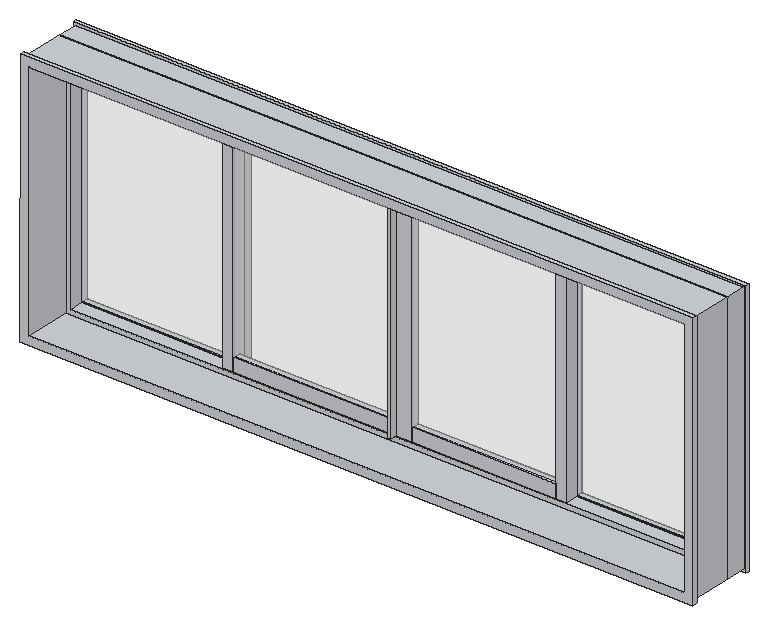
Revit family "APL Residential Thermal Heart Sliding Window FSSF", category Windows, host Wall, Revit 2017 (continued)
Definition of nested family "APL Residential Thermal Heart Sliding Window FSSF Vertical Section"
  Definition of nested family "Two Panel Sill"
    Lines and regions (mm)
      detail lines, in view "Ref. Level"
        curve 81: line (13.616, 53.76, 0) -> (10.871, 53.76, 0)
        curve 82: line (4.725, 55.16, 0) -> (7.471, 55.16, 0)
        curve 83: line (15.271, 49.46, 0) -> (15.771, 49.46, 0)
        curve 84: line (15.771, 49.46, 0) -> (15.371, 61.46, 0)
        curve 85: line (2.971, 61.46, 0) -> (2.571, 49.46, 0)
        curve 86: line (2.571, 49.46, 0) -> (3.071, 49.46, 0)
        curve 87: line (3.071, 66.96, 0) -> (3.071, 47.46, 0)
        curve 88: line (3.071, 47.46, 0) -> (15.271, 47.46, 0)
        curve 89: line (15.271, 47.46, 0) -> (15.271, 66.96, 0)
        curve 90: line (6.89, 47.46, 0) -> (6.89, 42.21, 0)
        curve 91: line (6.89, 42.21, 0) -> (5.871, 42.21, 0)
        curve 92: line (5.871, 42.21, 0) -> (5.871, 47.46, 0)
        curve 93: line (11.451, 47.46, 0) -> (11.451, 42.21, 0)
        curve 94: line (11.451, 42.21, 0) -> (12.471, 42.21, 0)
        curve 95: line (12.471, 42.21, 0) -> (12.471, 47.46, 0)
        curve 96: line (3.271, 48.46, 0) -> (3.271, 65.06, 0)
        curve 161: arc (-86.906, 25.385, 0) -> (-86.996, 25.312, 0) -> (-87.029, 25.201, 0) r 0.2
        curve 162: arc (-87.029, 24.2, 0) -> (-86.971, 24.059, 0) -> (-86.829, 24, 0) r 0.2
        curve 163: arc (-85.042, 23.527, 0) -> (-84.985, 23.412, 0) -> (-85.011, 23.286, 0) r 0.2
        curve 164: arc (-85.241, 22.888, 0) -> (-85.114, 22.409, 0) -> (-84.635, 22.537, 0) r 0.35
        curve 165: arc (-84.25, 23.203, 0) -> (-84.188, 23.516, 0) -> (-84.329, 23.803, 0) r 0.497
        curve 166: arc (-84.996, 24.47, 0) -> (-85.051, 24.651, 0) -> (-84.931, 24.796, 0) r 0.2
        curve 167: arc (-45.935, 40.949, 0) -> (-45.748, 40.93, 0) -> (-45.659, 40.764, 0) r 0.2
        curve 168: arc (-45.659, 36.482, 0) -> (-45.443, 35.578, 0) -> (-44.842, 34.869, 0) r 2
        curve 169: arc (-44.842, 34.869, 0) -> (-43.514, 32.691, 0) -> (-44.105, 30.21, 0) r 3.35
        curve 170: arc (-44.105, 30.21, 0) -> (-43.991, 29.512, 0) -> (-43.293, 29.625, 0) r 0.5
        curve 171: arc (-43.293, 29.625, 0) -> (-42.527, 32.847, 0) -> (-44.25, 35.675, 0) r 4.35
        curve 172: arc (-44.25, 35.675, 0) -> (-44.551, 36.03, 0) -> (-44.659, 36.482, 0) r 1
        curve 173: arc (-44.659, 42.585, 0) -> (-44.748, 42.752, 0) -> (-44.935, 42.77, 0) r 0.2
        curve 174: line (-87.029, 25.201, 0) -> (-87.029, 24.2, 0)
        curve 175: line (-86.829, 24, 0) -> (-85.598, 24, 0)
        curve 176: line (-85.456, 23.942, 0) -> (-85.042, 23.527, 0)
        curve 177: line (-85.011, 23.286, 0) -> (-85.241, 22.888, 0)
        curve 178: line (-84.635, 22.537, 0) -> (-84.25, 23.203, 0)
        curve 179: line (-84.329, 23.803, 0) -> (-84.996, 24.47, 0)
        curve 180: line (-84.931, 24.796, 0) -> (-45.935, 40.949, 0)
        curve 181: line (-45.659, 40.764, 0) -> (-45.659, 36.482, 0)
        curve 182: line (-44.659, 36.482, 0) -> (-44.659, 42.585, 0)
        curve 183: line (-44.935, 42.77, 0) -> (-86.906, 25.385, 0)
      detail lines, in view "Ref. Level", not visible
        curve 17: arc (-46.248, 44.356, 0) -> (-46.558, 44.496, 0) -> (-46.72, 44.197, 0) r 0.25
        curve 18: arc (-46.694, 34.309, 0) -> (-46.531, 34.01, 0) -> (-46.221, 34.15, 0) r 0.25
        curve 19: line (-46.72, 44.197, 0) -> (-45.726, 40.329, 0)
        curve 20: line (-45.726, 40.329, 0) -> (-46.729, 39.75, 0)
        curve 21: line (-46.729, 39.75, 0) -> (-46.729, 38.75, 0)
        curve 22: line (-46.729, 38.75, 0) -> (-45.704, 38.158, 0)
        curve 23: line (-45.704, 38.158, 0) -> (-46.694, 34.309, 0)
        curve 24: line (-46.221, 34.15, 0) -> (-44.497, 38.25, 0)
        curve 25: line (-44.497, 38.25, 0) -> (-43.229, 38.25, 0)
        curve 26: line (-43.229, 38.25, 0) -> (-43.229, 37, 0)
        curve 27: line (-43.229, 37, 0) -> (-42.229, 37, 0)
        curve 28: line (-42.229, 37, 0) -> (-42.229, 41.5, 0)
        curve 29: line (-42.229, 41.5, 0) -> (-43.229, 41.5, 0)
        curve 30: line (-43.229, 41.5, 0) -> (-43.229, 40.25, 0)
        curve 31: line (-43.229, 40.25, 0) -> (-44.521, 40.25, 0)
        curve 32: line (-44.521, 40.25, 0) -> (-46.248, 44.356, 0)
        curve 97: arc (56.163, 71.909, 0) -> (55.456, 71.616, 0) -> (55.163, 70.909, 0) r 1
        curve 98: arc (56.163, 72.809, 0) -> (56.021, 72.75, 0) -> (55.963, 72.609, 0) r 0.2
        curve 99: arc (66.163, 72.609, 0) -> (66.104, 72.75, 0) -> (65.963, 72.809, 0) r 0.2
        curve 100: arc (67.163, 72.809, 0) -> (66.87, 73.516, 0) -> (66.163, 73.809, 0) r 1
        curve 101: arc (55.963, 73.809, 0) -> (55.256, 73.516, 0) -> (54.963, 72.809, 0) r 1
        curve 102: arc (60.363, 58.609, 0) -> (60.07, 59.316, 0) -> (59.363, 59.609, 0) r 1
        curve 103: arc (62.763, 59.609, 0) -> (62.056, 59.316, 0) -> (61.763, 58.609, 0) r 1
        curve 104: arc (61.763, 62.009, 0) -> (62.056, 61.302, 0) -> (62.763, 61.009, 0) r 1
        curve 105: arc (59.363, 61.009, 0) -> (60.07, 61.302, 0) -> (60.363, 62.009, 0) r 1
        curve 106: circle (61.063, 60.309, 0) r 4.5 normal (0, 0, 1)
        curve 107: arc (55.163, 54.309, 0) -> (55.456, 53.602, 0) -> (56.163, 53.309, 0) r 1
        curve 108: arc (63.343, 48.059, 0) -> (61.063, 49.059, 0) -> (58.782, 48.059, 0) r 3.1
        curve 109: line (55.963, 72.609, 0) -> (56.063, 71.909, 0)
        curve 110: line (56.063, 71.909, 0) -> (56.063, 72.509, 0)
        curve 111: line (56.063, 72.509, 0) -> (59.563, 72.509, 0)
        curve 112: line (59.563, 72.509, 0) -> (57.663, 72.609, 0)
        curve 113: line (57.663, 72.609, 0) -> (57.663, 72.809, 0)
        curve 114: line (57.663, 72.809, 0) -> (56.163, 72.809, 0)
        curve 115: line (54.963, 71.909, 0) -> (59.563, 71.909, 0)
        curve 116: line (59.563, 71.909, 0) -> (59.563, 72.909, 0)
        curve 117: line (59.563, 72.909, 0) -> (62.563, 72.909, 0)
        curve 118: line (62.563, 72.909, 0) -> (62.563, 71.909, 0)
        curve 119: line (62.563, 71.909, 0) -> (67.163, 71.909, 0)
        curve 120: line (65.963, 72.809, 0) -> (64.463, 72.809, 0)
        curve 121: line (64.463, 72.809, 0) -> (64.463, 72.609, 0)
        curve 122: line (64.463, 72.609, 0) -> (62.563, 72.609, 0)
        curve 123: line (62.563, 72.609, 0) -> (66.063, 72.509, 0)
        curve 124: line (66.063, 72.509, 0) -> (66.063, 71.909, 0)
        curve 125: line (66.063, 71.909, 0) -> (66.163, 72.609, 0)
        curve 126: line (66.163, 73.809, 0) -> (64.463, 73.809, 0)
        curve 127: line (64.463, 73.809, 0) -> (64.463, 73.609, 0)
        curve 128: line (64.463, 73.609, 0) -> (57.663, 73.609, 0)
        curve 129: line (57.663, 73.609, 0) -> (57.663, 73.809, 0)
        curve 130: line (57.663, 73.809, 0) -> (55.963, 73.809, 0)
        curve 131: line (57.263, 53.309, 0) -> (57.263, 52.309, 0)
        curve 132: line (57.263, 52.309, 0) -> (56.263, 52.309, 0)
        curve 133: line (56.263, 52.309, 0) -> (56.263, 53.309, 0)
        curve 134: line (64.863, 53.309, 0) -> (64.863, 52.309, 0)
        curve 135: line (64.863, 52.309, 0) -> (65.863, 52.309, 0)
        curve 136: line (65.863, 52.309, 0) -> (65.863, 53.309, 0)
        curve 137: line (61.763, 58.609, 0) -> (61.763, 57.609, 0)
        curve 138: line (61.763, 57.609, 0) -> (60.363, 57.609, 0)
        curve 139: line (60.363, 57.609, 0) -> (60.363, 58.609, 0)
        curve 140: line (60.363, 62.009, 0) -> (60.363, 63.009, 0)
        curve 141: line (60.363, 63.009, 0) -> (61.763, 63.009, 0)
        curve 142: line (61.763, 63.009, 0) -> (61.763, 62.009, 0)
        curve 143: line (59.363, 59.609, 0) -> (56.617, 59.609, 0)
        curve 144: line (62.763, 61.009, 0) -> (65.508, 61.009, 0)
        curve 145: line (65.508, 59.609, 0) -> (62.763, 59.609, 0)
        curve 146: line (56.617, 61.009, 0) -> (59.363, 61.009, 0)
        curve 147: line (67.163, 55.309, 0) -> (67.663, 55.309, 0)
        curve 148: line (67.663, 55.309, 0) -> (67.263, 67.309, 0)
        curve 149: line (54.863, 67.309, 0) -> (54.463, 55.309, 0)
        curve 150: line (54.463, 55.309, 0) -> (54.963, 55.309, 0)
        curve 151: line (54.963, 72.809, 0) -> (54.963, 53.309, 0)
        curve 152: line (54.963, 53.309, 0) -> (67.163, 53.309, 0)
        curve 153: line (67.163, 53.309, 0) -> (67.163, 72.809, 0)
        curve 154: line (58.782, 53.309, 0) -> (58.782, 48.059, 0)
        curve 155: line (58.782, 48.059, 0) -> (57.763, 48.059, 0)
        curve 156: line (57.763, 48.059, 0) -> (57.763, 53.309, 0)
        curve 157: line (63.343, 53.309, 0) -> (63.343, 48.059, 0)
        curve 158: line (63.343, 48.059, 0) -> (64.363, 48.059, 0)
        curve 159: line (64.363, 48.059, 0) -> (64.363, 53.309, 0)
        curve 160: line (55.163, 54.309, 0) -> (55.163, 70.909, 0)
    Dimensions and locks
      locked: nested 3 to nested 1 at 17.5
      locked: nested 3 to nested 2 at 3.06
    Nested families
      nested 1: "65596_Track" at (9.171, 14.2, 0), type "65596_Track", in view "Ref. Level"
      nested 2: "65380_Frame Sill" at (-87.029, 0, 0), type "65380_Frame Sill", in view "Ref. Level"
      nested 3: "65460_Door Top And Window Rail" at (-13.589, 105.5, 0), type "65460_Door Top And Window Rail", in view "Ref. Level"
    Definition of nested family "65596_Track"
      Reference planes
        plane 1 "Center (Front/Back)": y = 0
        plane 2: z = 0
        plane 3 "Center (Left/Right)": x = 0
      Lines and regions (mm)
        detail lines, in view "Ref. Level"
          curve 1: arc (-1.2, 1.8, 0) -> (-1.059, 1.859, 0) -> (-1, 2, 0) r 0.2
          curve 2: arc (-1, 22.438, 0) -> (-1.623, 23.888, 0) -> (-3.105, 24.435, 0) r 2
          curve 3: arc (-17.186, 23.697, 0) -> (-17.523, 23.542, 0) -> (-17.66, 23.198, 0) r 0.5
          curve 4: arc (-17.66, 18.846, 0) -> (-18.14, 16.435, 0) -> (-19.505, 14.392, 0) r 6.3
          curve 5: arc (-21.85, 12.046, 0) -> (-22.77, 12.046, 0) -> (-22.77, 12.966, 0) r 0.65
          curve 6: arc (-20.424, 15.311, 0) -> (-19.341, 16.933, 0) -> (-18.96, 18.846, 0) r 5
          curve 7: arc (-18.96, 24.932, 0) -> (-18.823, 25.276, 0) -> (-18.486, 25.431, 0) r 0.5
          curve 8: arc (-2.589, 26.264, 0) -> (-2.456, 26.325, 0) -> (-2.399, 26.459, 0) r 0.2
          curve 9: arc (-2.399, 26.459, 0) -> (0, 28.8, 0) -> (2.399, 26.459, 0) r 2.4
          curve 10: arc (2.399, 26.459, 0) -> (2.456, 26.325, 0) -> (2.589, 26.264, 0) r 0.2
          curve 11: arc (6.566, 26.056, 0) -> (6.903, 25.901, 0) -> (7.04, 25.557, 0) r 0.5
          curve 12: arc (7.04, 18.846, 0) -> (7.421, 16.933, 0) -> (8.504, 15.311, 0) r 5
          curve 13: arc (10.85, 12.966, 0) -> (10.85, 12.046, 0) -> (9.93, 12.046, 0) r 0.65
          curve 14: arc (7.585, 14.392, 0) -> (6.22, 16.435, 0) -> (5.74, 18.846, 0) r 6.3
          curve 15: arc (5.74, 23.822, 0) -> (5.603, 24.166, 0) -> (5.266, 24.322, 0) r 0.5
          curve 16: arc (3.105, 24.435, 0) -> (1.623, 23.888, 0) -> (1, 22.438, 0) r 2
          curve 17: arc (1, 2, 0) -> (1.059, 1.859, 0) -> (1.2, 1.8, 0) r 0.2
          curve 18: arc (10.59, 0, 0) -> (10.449, 0.059, 0) -> (10.39, 0.2, 0) r 0.2
          curve 19: arc (10.39, 1.6, 0) -> (10.331, 1.741, 0) -> (10.19, 1.8, 0) r 0.2
          curve 20: arc (-8.81, 1.8, 0) -> (-8.951, 1.741, 0) -> (-9.01, 1.6, 0) r 0.2
          curve 21: arc (-9.01, -1.3, 0) -> (-8.951, -1.441, 0) -> (-8.81, -1.5, 0) r 0.2
          curve 22: arc (-7.41, -1.5, 0) -> (-7.269, -1.441, 0) -> (-7.21, -1.3, 0) r 0.2
          curve 23: arc (-7.21, -0.2, 0) -> (-7.151, -0.059, 0) -> (-7.01, 0, 0) r 0.2
          curve 24: arc (8.715, 0, 0) -> (9.001, -0.089, 0) -> (9.185, -0.325, 0) r 0.5
          curve 25: arc (9.185, -0.325, 0) -> (9.735, -1.032, 0) -> (10.59, -1.3, 0) r 1.5
          curve 26: arc (11.89, -1.3, 0) -> (12.597, -1.007, 0) -> (12.89, -0.3, 0) r 1
          curve 27: arc (12.89, -0.2, 0) -> (12.831, -0.059, 0) -> (12.69, 0, 0) r 0.2
          curve 28: line (1, 6.8, 0) -> (-1, 6.8, 0)
          curve 29: line (-1, 2, 0) -> (-1, 22.438, 0)
          curve 30: line (-3.105, 24.435, 0) -> (-17.186, 23.697, 0)
          curve 31: line (-17.66, 23.198, 0) -> (-17.66, 18.846, 0)
          curve 32: line (-19.505, 14.392, 0) -> (-21.85, 12.046, 0)
          curve 33: line (-22.77, 12.966, 0) -> (-20.424, 15.311, 0)
          curve 34: line (-18.96, 18.846, 0) -> (-18.96, 24.932, 0)
          curve 35: line (-18.486, 25.431, 0) -> (-2.589, 26.264, 0)
          curve 36: line (2.589, 26.264, 0) -> (6.566, 26.056, 0)
          curve 37: line (7.04, 25.557, 0) -> (7.04, 18.846, 0)
          curve 38: line (8.504, 15.311, 0) -> (10.85, 12.966, 0)
          curve 39: line (9.93, 12.046, 0) -> (7.585, 14.392, 0)
          curve 40: line (5.74, 18.846, 0) -> (5.74, 23.822, 0)
          curve 41: line (5.266, 24.322, 0) -> (3.105, 24.435, 0)
          curve 42: line (1, 22.438, 0) -> (1, 2, 0)
          curve 43: line (10.39, 0.2, 0) -> (10.39, 1.6, 0)
          curve 44: line (10.19, 1.8, 0) -> (-8.81, 1.8, 0)
          curve 45: line (-9.01, 1.6, 0) -> (-9.01, -1.3, 0)
          curve 46: line (-8.81, -1.5, 0) -> (-7.41, -1.5, 0)
          curve 47: line (-7.21, -1.3, 0) -> (-7.21, -0.2, 0)
          curve 48: line (-7.01, 0, 0) -> (8.715, 0, 0)
          curve 49: line (10.59, -1.3, 0) -> (11.89, -1.3, 0)
          curve 50: line (12.69, 0, 0) -> (10.59, 0, 0)
      Text (mm)
        text "65596" at (20.379, 15.04, 0), in view "Ref. Level"
    Definition of nested family "65380_Frame Sill"
      Reference planes
        plane 1 "Center (Front/Back)": y = 0
        plane 2: z = 0
        plane 3 "Center (Left/Right)": x = 0
      Lines and regions (mm)
        detail lines, in view "Ref. Level"
          curve 1: line (64.2, 16.468, 0) -> (65.701, 16.468, 0)
          curve 2: line (64.2, 22.468, 0) -> (65.7, 22.468, 0)
          curve 3: line (27.5, 8.7, 0) -> (29.442, 8.7, 0)
          curve 4: line (27.5, 14.7, 0) -> (29.4, 14.7, 0)
          curve 5: line (13.3, 8.6, 0) -> (15.2, 8.6, 0)
          curve 6: line (13.3, 14.6, 0) -> (15.2, 14.6, 0)
          curve 7: arc (10.8, 6.498, 0) -> (11.356, 7.843, 0) -> (12.7, 8.4, 0) r 1.9
          curve 8: arc (13.1, 8.4, 0) -> (13.241, 8.459, 0) -> (13.3, 8.6, 0) r 0.2
          curve 9: arc (13.3, 15.4, 0) -> (13.241, 15.542, 0) -> (13.1, 15.6, 0) r 0.2
          curve 10: arc (11, 15.6, 0) -> (10.859, 15.659, 0) -> (10.8, 15.8, 0) r 0.2
          curve 11: arc (10.8, 16.283, 0) -> (10.741, 16.425, 0) -> (10.6, 16.483, 0) r 0.2
          curve 12: arc (1.9, 16.483, 0) -> (1.546, 16.337, 0) -> (1.4, 15.983, 0) r 0.5
          curve 13: arc (1.4, 2.245, 0) -> (1.521, 1.632, 0) -> (1.869, 1.111, 0) r 1.6
          curve 14: arc (6.387, -3.407, 0) -> (6.711, -3.624, 0) -> (7.094, -3.7, 0) r 1
          curve 15: arc (9.8, -3.7, 0) -> (10.507, -3.407, 0) -> (10.8, -2.7, 0) r 1
          curve 16: arc (1.665, 23.622, 0) -> (1.729, 23.522, 0) -> (1.725, 23.403, 0) r 0.2
          curve 17: arc (1.725, 23.403, 0) -> (1.621, 23.234, 0) -> (1.453, 23.127, 0) r 0.45
          curve 18: arc (1.453, 23.127, 0) -> (1.357, 23.053, 0) -> (1.322, 22.936, 0) r 0.2
          curve 19: arc (1.379, 18.081, 0) -> (1.438, 17.941, 0) -> (1.579, 17.883, 0) r 0.2
          curve 20: arc (10.6, 17.883, 0) -> (10.741, 17.942, 0) -> (10.8, 18.083, 0) r 0.2
          curve 21: arc (10.8, 22.172, 0) -> (10.773, 22.272, 0) -> (10.7, 22.346, 0) r 0.2
          curve 22: arc (9.6, 22.981, 0) -> (9.38, 23.2, 0) -> (9.3, 23.5, 0) r 0.6
          curve 23: arc (9.3, 23.8, 0) -> (9.359, 23.942, 0) -> (9.5, 24, 0) r 0.2
          curve 24: arc (13.617, 24, 0) -> (13.922, 23.801, 0) -> (14.195, 24.043, 0) r 0.3
          curve 25: arc (14.195, 24.043, 0) -> (14.261, 24.181, 0) -> (14.387, 24.269, 0) r 0.3
          curve 26: arc (15.797, 24.782, 0) -> (16.083, 24.738, 0) -> (16.199, 24.474, 0) r 0.3
          curve 27: arc (15.992, 22.109, 0) -> (15.965, 22.008, 0) -> (15.905, 21.923, 0) r 0.3
          curve 28: arc (15.541, 21.559, 0) -> (15.348, 21.507, 0) -> (15.207, 21.648, 0) r 0.2
          curve 29: arc (15.162, 21.816, 0) -> (15.11, 21.905, 0) -> (15.021, 21.957, 0) r 0.2
          curve 30: arc (12.8, 22.5, 0) -> (12.52, 22.307, 0) -> (12.6, 21.977, 0) r 0.3
          curve 31: arc (12.6, 21.977, 0) -> (12.674, 21.875, 0) -> (12.7, 21.753, 0) r 0.3
          curve 32: arc (12.506, 17.75, 0) -> (12.542, 17.578, 0) -> (12.7, 17.5, 0) r 0.2
          curve 33: arc (13.221, 17.5, 0) -> (13.302, 17.511, 0) -> (13.377, 17.544, 0) r 0.3
          curve 34: arc (14.631, 18.309, 0) -> (14.628, 18.479, 0) -> (14.734, 18.611, 0) r 0.25
          curve 35: arc (14.82, 18.664, 0) -> (15.072, 18.668, 0) -> (15.2, 18.45, 0) r 0.25
          curve 36: arc (15.2, 8.6, 0) -> (15.259, 8.459, 0) -> (15.4, 8.4, 0) r 0.2
          curve 37: arc (16.479, 8.4, 0) -> (16.643, 8.315, 0) -> (16.667, 8.132, 0) r 0.2
          curve 38: arc (15.775, 5.682, 0) -> (15.702, 5.586, 0) -> (15.587, 5.55, 0) r 0.2
          curve 39: arc (15.353, 5.55, 0) -> (15.248, 5.52, 0) -> (15.174, 5.439, 0) r 0.2
          curve 40: arc (15.174, 5.439, 0) -> (15.019, 5.31, 0) -> (14.82, 5.337, 0) r 0.25
          curve 41: arc (14.734, 5.389, 0) -> (14.628, 5.521, 0) -> (14.631, 5.691, 0) r 0.25
          curve 42: arc (13.377, 6.456, 0) -> (13.302, 6.489, 0) -> (13.221, 6.5, 0) r 0.3
          curve 43: arc (12.7, 6.5, 0) -> (12.542, 6.423, 0) -> (12.506, 6.25, 0) r 0.2
          curve 44: arc (12.7, 2.247, 0) -> (12.674, 2.125, 0) -> (12.6, 2.024, 0) r 0.3
          curve 45: arc (12.6, 2.024, 0) -> (12.52, 1.693, 0) -> (12.8, 1.5, 0) r 0.3
          curve 46: arc (15.021, 2.043, 0) -> (15.11, 2.095, 0) -> (15.162, 2.185, 0) r 0.2
          curve 47: arc (15.207, 2.352, 0) -> (15.348, 2.493, 0) -> (15.541, 2.442, 0) r 0.2
          curve 48: arc (15.905, 2.078, 0) -> (15.965, 1.993, 0) -> (15.992, 1.892, 0) r 0.3
          curve 49: arc (16.199, -0.474, 0) -> (16.083, -0.738, 0) -> (15.797, -0.782, 0) r 0.3
          curve 50: arc (14.387, -0.268, 0) -> (14.261, -0.181, 0) -> (14.195, -0.043, 0) r 0.3
          curve 51: arc (14.195, -0.043, 0) -> (13.922, 0.199, 0) -> (13.617, 0, 0) r 0.3
          curve 52: arc (12.6, 0, 0) -> (12.459, -0.058, 0) -> (12.4, -0.2, 0) r 0.2
          curve 53: arc (12.4, -2.696, 0) -> (11.64, -4.537, 0) -> (9.8, -5.3, 0) r 2.6
          curve 54: arc (7.9, -5.3, 0) -> (7.547, -5.446, 0) -> (7.4, -5.8, 0) r 0.5
          curve 55: arc (7.4, -13.402, 0) -> (7.508, -13.581, 0) -> (7.716, -13.566, 0) r 0.2
          curve 56: arc (7.716, -13.566, 0) -> (8.721, -13.692, 0) -> (8.684, -14.705, 0) r 0.75
          curve 57: arc (8.684, -14.705, 0) -> (8.15, -16.005, 0) -> (8.684, -17.305, 0) r 1.85
          curve 58: arc (8.684, -17.305, 0) -> (8.794, -17.447, 0) -> (8.867, -17.611, 0) r 0.75
          curve 59: arc (8.867, -17.611, 0) -> (8.97, -17.795, 0) -> (9.14, -17.921, 0) r 0.5
          curve 60: arc (9.14, -17.921, 0) -> (10, -18.105, 0) -> (10.86, -17.921, 0) r 2.1
          curve 61: arc (10.86, -17.921, 0) -> (11.03, -17.795, 0) -> (11.133, -17.611, 0) r 0.5
          curve 62: arc (11.133, -17.611, 0) -> (11.206, -17.447, 0) -> (11.316, -17.305, 0) r 0.75
          curve 63: arc (11.316, -17.305, 0) -> (11.85, -16.005, 0) -> (11.316, -14.705, 0) r 1.85
          curve 64: arc (11.316, -14.705, 0) -> (11.323, -13.644, 0) -> (12.384, -13.651, 0) r 0.75
          curve 65: arc (12.384, -13.651, 0) -> (13.348, -15.881, 0) -> (12.551, -18.176, 0) r 3.35
          curve 66: arc (12.551, -18.176, 0) -> (12.478, -18.71, 0) -> (12.932, -19, 0) r 0.5
          curve 67: arc (13.15, -19, 0) -> (13.291, -19.058, 0) -> (13.35, -19.2, 0) r 0.2
          curve 68: arc (13.35, -19.5, 0) -> (13.204, -19.853, 0) -> (12.85, -20, 0) r 0.5
          curve 69: arc (7, -20, 0) -> (6.293, -19.707, 0) -> (6, -19, 0) r 1
          curve 70: arc (6, -6.242, 0) -> (5.772, -5.094, 0) -> (5.121, -4.121, 0) r 3
          curve 71: arc (0.879, 0.122, 0) -> (0.228, 1.095, 0) -> (0, 2.243, 0) r 3
          curve 72: arc (0, 23.8, 0) -> (0.059, 23.942, 0) -> (0.2, 24, 0) r 0.2
          curve 73: line (10.8, -2.7, 0) -> (10.8, 6.498, 0)
          curve 74: line (12.7, 8.4, 0) -> (13.1, 8.4, 0)
          curve 75: line (13.1, 15.6, 0) -> (11, 15.6, 0)
          curve 76: line (10.8, 15.8, 0) -> (10.8, 16.283, 0)
          curve 77: line (10.6, 16.483, 0) -> (1.9, 16.483, 0)
          curve 78: line (1.4, 15.983, 0) -> (1.4, 2.245, 0)
          curve 79: line (1.869, 1.111, 0) -> (6.387, -3.407, 0)
          curve 80: line (7.094, -3.7, 0) -> (9.8, -3.7, 0)
          curve 81: line (1.322, 22.936, 0) -> (1.379, 18.081, 0)
          curve 82: line (1.579, 17.883, 0) -> (10.6, 17.883, 0)
          curve 83: line (10.8, 18.083, 0) -> (10.8, 22.172, 0)
          curve 84: line (10.7, 22.346, 0) -> (9.6, 22.981, 0)
          curve 85: line (9.3, 23.5, 0) -> (9.3, 23.8, 0)
          curve 86: line (9.5, 24, 0) -> (13.617, 24, 0)
          curve 87: line (14.387, 24.269, 0) -> (15.797, 24.782, 0)
          curve 88: line (16.199, 24.474, 0) -> (15.992, 22.109, 0)
          curve 89: line (15.905, 21.923, 0) -> (15.541, 21.559, 0)
          curve 90: line (15.207, 21.648, 0) -> (15.162, 21.816, 0)
          curve 91: line (15.021, 21.957, 0) -> (13.032, 22.49, 0)
          curve 92: line (12.7, 21.753, 0) -> (12.7, 18.526, 0)
          curve 93: line (12.7, 18.5, 0) -> (12.506, 17.75, 0)
          curve 94: line (12.7, 17.5, 0) -> (13.221, 17.5, 0)
          curve 95: line (13.377, 17.544, 0) -> (14.631, 18.309, 0)
          curve 96: line (15.2, 18.45, 0) -> (15.2, 16.875, 0)
          curve 97: line (15.2, 16.875, 0) -> (15.2, 8.6, 0)
          curve 98: line (15.2, 8.6, 0) -> (13.3, 8.6, 0)
          curve 99: line (13.3, 8.6, 0) -> (13.3, 15.4, 0)
          curve 100: line (15.4, 8.4, 0) -> (16.479, 8.4, 0)
          curve 101: line (16.667, 8.132, 0) -> (15.775, 5.682, 0)
          curve 102: line (15.587, 5.55, 0) -> (15.353, 5.55, 0)
          curve 103: line (14.631, 5.691, 0) -> (13.377, 6.456, 0)
          curve 104: line (13.221, 6.5, 0) -> (12.7, 6.5, 0)
          curve 105: line (12.506, 6.25, 0) -> (12.7, 5.5, 0)
          curve 106: line (12.7, 5.475, 0) -> (12.7, 2.247, 0)
          curve 107: line (13.032, 1.51, 0) -> (15.021, 2.043, 0)
          curve 108: line (15.162, 2.185, 0) -> (15.207, 2.352, 0)
          curve 109: line (15.541, 2.442, 0) -> (15.905, 2.078, 0)
          curve 110: line (15.992, 1.892, 0) -> (16.199, -0.474, 0)
          curve 111: line (15.797, -0.782, 0) -> (14.387, -0.268, 0)
          curve 112: line (13.617, 0, 0) -> (12.6, 0, 0)
          curve 113: line (12.4, -0.2, 0) -> (12.4, -2.696, 0)
          curve 114: line (9.8, -5.3, 0) -> (7.9, -5.3, 0)
          curve 115: line (7.4, -5.8, 0) -> (7.4, -13.402, 0)
          curve 116: line (12.932, -19, 0) -> (13.15, -19, 0)
          curve 117: line (13.35, -19.2, 0) -> (13.35, -19.5, 0)
          curve 118: line (12.85, -20, 0) -> (7, -20, 0)
          curve 119: line (6, -19, 0) -> (6, -6.242, 0)
          curve 120: line (5.121, -4.121, 0) -> (0.879, 0.122, 0)
          curve 121: line (0, 2.243, 0) -> (0, 23.8, 0)
          curve 122: line (0.2, 24, 0) -> (1.141, 24, 0)
          curve 123: line (1.269, 23.953, 0) -> (1.665, 23.622, 0)
          curve 124: line (13.3, 14.6, 0) -> (15.2, 14.6, 0)
          curve 125: arc (64.2, 16.468, 0) -> (64.076, 16.138, 0) -> (63.765, 15.972, 0) r 0.5
          curve 126: arc (63.765, 15.972, 0) -> (62.349, 15.442, 0) -> (61.309, 14.343, 0) r 3.35
          curve 127: arc (61.309, 14.343, 0) -> (61.577, 13.317, 0) -> (62.604, 13.585, 0) r 0.75
          curve 128: arc (62.604, 13.585, 0) -> (63.721, 14.437, 0) -> (65.115, 14.258, 0) r 1.85
          curve 129: arc (65.115, 14.258, 0) -> (65.281, 14.189, 0) -> (65.459, 14.161, 0) r 0.75
          curve 130: arc (65.459, 14.161, 0) -> (65.663, 14.108, 0) -> (65.828, 13.977, 0) r 0.5
          curve 131: arc (65.828, 13.977, 0) -> (66.3, 12.65, 0) -> (65.828, 11.324, 0) r 2.1
          curve 132: arc (65.828, 11.324, 0) -> (65.663, 11.192, 0) -> (65.459, 11.14, 0) r 0.5
          curve 133: arc (65.459, 11.14, 0) -> (65.281, 11.112, 0) -> (65.115, 11.042, 0) r 0.75
          curve 134: arc (65.115, 11.042, 0) -> (64.2, 10.8, 0) -> (63.285, 11.042, 0) r 1.85
          curve 135: arc (63.285, 11.042, 0) -> (62.738, 11.119, 0) -> (62.286, 10.8, 0) r 0.75
          curve 136: arc (39.189, 9.622, 0) -> (38.199, 9.316, 0) -> (37.363, 8.704, 0) r 3.126
          curve 137: arc (37.363, 8.704, 0) -> (37.013, 8.479, 0) -> (36.605, 8.4, 0) r 1.1
          curve 138: arc (29.901, 8.4, 0) -> (29.547, 8.546, 0) -> (29.4, 8.9, 0) r 0.5
          curve 139: arc (29.4, 22, 0) -> (29.546, 22.354, 0) -> (29.9, 22.5, 0) r 0.5
          curve 140: arc (44.4, 22.5, 0) -> (45.602, 22.998, 0) -> (46.1, 24.2, 0) r 1.7
          curve 141: arc (46.147, 35.534, 0) -> (46.409, 35.986, 0) -> (46.5, 36.5, 0) r 1.5
          curve 142: arc (46.5, 41.1, 0) -> (46.646, 41.454, 0) -> (47, 41.6, 0) r 0.5
          curve 143: arc (65.699, 41.6, 0) -> (66.053, 41.454, 0) -> (66.2, 41.1, 0) r 0.5
          curve 144: arc (66.2, 32, 0) -> (65.978, 30.526, 0) -> (65.33, 29.183, 0) r 5
          curve 145: arc (65.33, 29.183, 0) -> (64.489, 27.436, 0) -> (64.2, 25.519, 0) r 6.5
          curve 146: arc (27.317, 8.501, 0) -> (27.447, 8.565, 0) -> (27.5, 8.7, 0) r 0.2
          curve 147: arc (23.754, 8.189, 0) -> (23.602, 8.097, 0) -> (23.583, 7.922, 0) r 0.2
          curve 148: arc (24.399, 5.679, 0) -> (24.668, 5.392, 0) -> (25.06, 5.388, 0) r 0.5
          curve 149: arc (25.06, 5.388, 0) -> (25.211, 5.303, 0) -> (25.38, 5.337, 0) r 0.25
          curve 150: arc (25.466, 5.389, 0) -> (25.572, 5.521, 0) -> (25.569, 5.691, 0) r 0.25
          curve 151: arc (26.823, 6.456, 0) -> (26.898, 6.489, 0) -> (26.979, 6.5, 0) r 0.3
          curve 152: arc (27.5, 6.5, 0) -> (27.658, 6.423, 0) -> (27.694, 6.25, 0) r 0.2
          curve 153: arc (27.5, 2.247, 0) -> (27.526, 2.125, 0) -> (27.6, 2.024, 0) r 0.3
          curve 154: arc (27.6, 2.024, 0) -> (27.68, 1.693, 0) -> (27.4, 1.5, 0) r 0.3
          curve 155: arc (25.179, 2.043, 0) -> (25.09, 2.095, 0) -> (25.038, 2.185, 0) r 0.2
          curve 156: arc (24.993, 2.352, 0) -> (24.852, 2.493, 0) -> (24.659, 2.442, 0) r 0.2
          curve 157: arc (24.295, 2.078, 0) -> (24.235, 1.993, 0) -> (24.208, 1.892, 0) r 0.3
          curve 158: arc (24.001, -0.474, 0) -> (24.117, -0.738, 0) -> (24.403, -0.782, 0) r 0.3
          curve 159: arc (25.813, -0.268, 0) -> (25.939, -0.181, 0) -> (26.005, -0.043, 0) r 0.3
          curve 160: arc (26.005, -0.043, 0) -> (26.278, 0.199, 0) -> (26.583, 0, 0) r 0.3
          curve 161: arc (28.9, 0, 0) -> (29.254, 0.147, 0) -> (29.4, 0.5, 0) r 0.5
          curve 162: arc (29.4, 6.1, 0) -> (29.546, 6.454, 0) -> (29.9, 6.6, 0) r 0.499
          curve 163: arc (37.767, 6.6, 0) -> (38.931, 6.835, 0) -> (39.913, 7.503, 0) r 2.996
          curve 164: arc (39.913, 7.503, 0) -> (40.232, 7.731, 0) -> (40.611, 7.831, 0) r 1.1
          curve 165: arc (68.1, 8.9, 0) -> (68.241, 8.842, 0) -> (68.3, 8.7, 0) r 0.2
          curve 166: arc (68.3, 0.5, 0) -> (68.446, 0.147, 0) -> (68.8, 0, 0) r 0.5
          curve 167: arc (71.117, 0, 0) -> (71.422, 0.199, 0) -> (71.695, -0.043, 0) r 0.3
          curve 168: arc (71.695, -0.043, 0) -> (71.761, -0.181, 0) -> (71.887, -0.268, 0) r 0.3
          curve 169: arc (73.297, -0.782, 0) -> (73.583, -0.738, 0) -> (73.699, -0.474, 0) r 0.3
          curve 170: arc (73.492, 1.892, 0) -> (73.465, 1.993, 0) -> (73.405, 2.078, 0) r 0.3
          curve 171: arc (73.041, 2.442, 0) -> (72.848, 2.493, 0) -> (72.707, 2.352, 0) r 0.2
          curve 172: arc (72.662, 2.185, 0) -> (72.61, 2.095, 0) -> (72.521, 2.043, 0) r 0.2
          curve 173: arc (70.3, 1.5, 0) -> (70.02, 1.693, 0) -> (70.1, 2.024, 0) r 0.3
          curve 174: arc (70.1, 2.024, 0) -> (70.174, 2.125, 0) -> (70.2, 2.247, 0) r 0.3
          curve 175: arc (70.006, 6.25, 0) -> (70.042, 6.423, 0) -> (70.2, 6.5, 0) r 0.2
          curve 176: arc (70.721, 6.5, 0) -> (70.802, 6.489, 0) -> (70.877, 6.456, 0) r 0.3
          curve 177: arc (72.131, 5.691, 0) -> (72.128, 5.521, 0) -> (72.234, 5.389, 0) r 0.25
          curve 178: arc (72.32, 5.337, 0) -> (72.572, 5.332, 0) -> (72.7, 5.55, 0) r 0.25
          curve 179: arc (72.7, 7.124, 0) -> (72.618, 7.522, 0) -> (72.385, 7.854, 0) r 1
          curve 180: arc (72.385, 7.854, 0) -> (72.322, 8, 0) -> (72.385, 8.146, 0) r 0.2
          curve 181: arc (72.385, 8.146, 0) -> (72.618, 8.478, 0) -> (72.7, 8.875, 0) r 1
          curve 182: arc (72.7, 10.449, 0) -> (72.573, 10.668, 0) -> (72.32, 10.664, 0) r 0.25
          curve 183: arc (72.234, 10.612, 0) -> (72.128, 10.479, 0) -> (72.131, 10.309, 0) r 0.25
          curve 184: arc (70.877, 9.544, 0) -> (70.802, 9.511, 0) -> (70.721, 9.5, 0) r 0.3
          curve 185: arc (70.2, 9.5, 0) -> (70.042, 9.578, 0) -> (70.006, 9.75, 0) r 0.2
          curve 186: arc (70.2, 13.754, 0) -> (70.174, 13.876, 0) -> (70.1, 13.977, 0) r 0.3
          curve 187: arc (70.1, 13.977, 0) -> (70.02, 14.307, 0) -> (70.3, 14.5, 0) r 0.3
          curve 188: arc (72.521, 13.957, 0) -> (72.61, 13.905, 0) -> (72.662, 13.816, 0) r 0.2
          curve 189: arc (72.707, 13.648, 0) -> (72.848, 13.507, 0) -> (73.041, 13.559, 0) r 0.2
          curve 190: arc (73.405, 13.923, 0) -> (73.465, 14.008, 0) -> (73.492, 14.109, 0) r 0.3
          curve 191: arc (73.699, 16.474, 0) -> (73.583, 16.738, 0) -> (73.297, 16.782, 0) r 0.3
          curve 192: arc (71.887, 16.269, 0) -> (71.761, 16.181, 0) -> (71.695, 16.043, 0) r 0.3
          curve 193: arc (71.695, 16.043, 0) -> (71.422, 15.801, 0) -> (71.117, 16, 0) r 0.3
          curve 194: arc (66.201, 16, 0) -> (65.847, 16.146, 0) -> (65.7, 16.5, 0) r 0.5
          curve 195: arc (65.7, 25.519, 0) -> (65.922, 26.994, 0) -> (66.57, 28.337, 0) r 5
          curve 196: arc (66.57, 28.337, 0) -> (67.411, 30.083, 0) -> (67.7, 32, 0) r 6.5
          curve 197: arc (67.7, 33.1, 0) -> (67.759, 33.242, 0) -> (67.9, 33.3, 0) r 0.2
          curve 198: arc (69.3, 33.3, 0) -> (69.441, 33.242, 0) -> (69.5, 33.1, 0) r 0.2
          curve 199: arc (69.5, 32.8, 0) -> (70, 32.299, 0) -> (70.5, 32.8, 0) r 0.5
          curve 200: arc (70.5, 35.351, 0) -> (69.999, 35.85, 0) -> (69.5, 35.35, 0) r 0.5
          curve 201: arc (69.5, 34.5, 0) -> (69.441, 34.359, 0) -> (69.3, 34.3, 0) r 0.2
          curve 202: arc (67.9, 34.3, 0) -> (67.759, 34.359, 0) -> (67.7, 34.5, 0) r 0.2
          curve 203: arc (67.7, 41.8, 0) -> (67.759, 41.942, 0) -> (67.9, 42, 0) r 0.2
          curve 204: arc (69.3, 42, 0) -> (69.441, 41.942, 0) -> (69.5, 41.8, 0) r 0.2
          curve 205: arc (69.5, 40.95, 0) -> (70, 40.449, 0) -> (70.5, 40.95, 0) r 0.5
          curve 206: arc (70.5, 42.499, 0) -> (70.354, 42.853, 0) -> (70, 43, 0) r 0.5
          curve 207: arc (42.7, 43, 0) -> (42.559, 42.942, 0) -> (42.5, 42.8, 0) r 0.2
          curve 208: arc (42.5, 41.25, 0) -> (43, 40.75, 0) -> (43.5, 41.25, 0) r 0.5
          curve 209: arc (43.5, 41.8, 0) -> (43.559, 41.942, 0) -> (43.7, 42, 0) r 0.2
          curve 210: arc (44.8, 42, 0) -> (44.941, 41.942, 0) -> (45, 41.8, 0) r 0.2
          curve 211: arc (45, 36.7, 0) -> (44.941, 36.559, 0) -> (44.8, 36.5, 0) r 0.2
          curve 212: arc (43.7, 36.5, 0) -> (43.559, 36.559, 0) -> (43.5, 36.7, 0) r 0.2
          curve 213: arc (43.5, 37.25, 0) -> (43, 37.749, 0) -> (42.5, 37.25, 0) r 0.5
          curve 214: arc (42.5, 36.5, 0) -> (42.793, 35.793, 0) -> (43.5, 35.5, 0) r 1
          curve 215: arc (44.395, 35.5, 0) -> (44.539, 35.443, 0) -> (44.6, 35.3, 0) r 0.202
          curve 216: arc (44.6, 24.2, 0) -> (44.538, 24.058, 0) -> (44.395, 24, 0) r 0.205
          curve 217: arc (26.583, 24, 0) -> (26.278, 23.801, 0) -> (26.005, 24.043, 0) r 0.3
          curve 218: arc (26.005, 24.043, 0) -> (25.939, 24.181, 0) -> (25.813, 24.269, 0) r 0.3
          curve 219: arc (24.403, 24.782, 0) -> (24.117, 24.738, 0) -> (24.001, 24.474, 0) r 0.3
          curve 220: arc (24.208, 22.109, 0) -> (24.235, 22.008, 0) -> (24.295, 21.923, 0) r 0.3
          curve 221: arc (24.659, 21.559, 0) -> (24.852, 21.507, 0) -> (24.993, 21.648, 0) r 0.2
          curve 222: arc (25.038, 21.816, 0) -> (25.09, 21.905, 0) -> (25.179, 21.957, 0) r 0.2
          curve 223: arc (27.4, 22.5, 0) -> (27.68, 22.307, 0) -> (27.6, 21.977, 0) r 0.3
          curve 224: arc (27.6, 21.977, 0) -> (27.526, 21.875, 0) -> (27.5, 21.753, 0) r 0.3
          curve 225: arc (27.694, 17.75, 0) -> (27.658, 17.578, 0) -> (27.5, 17.5, 0) r 0.2
          curve 226: arc (26.979, 17.5, 0) -> (26.898, 17.511, 0) -> (26.823, 17.544, 0) r 0.3
          curve 227: arc (25.569, 18.309, 0) -> (25.572, 18.479, 0) -> (25.466, 18.612, 0) r 0.25
          curve 228: arc (25.38, 18.664, 0) -> (25.128, 18.668, 0) -> (25, 18.45, 0) r 0.25
          curve 229: arc (25, 16.875, 0) -> (25.128, 16.385, 0) -> (25.479, 16.021, 0) r 1
          curve 230: line (64.2, 22.468, 0) -> (65.7, 22.468, 0)
          curve 231: line (62.286, 10.8, 0) -> (53.629, 10.8, 0)
          curve 232: line (53.629, 10.8, 0) -> (39.189, 9.622, 0)
          curve 233: line (36.605, 8.4, 0) -> (29.901, 8.4, 0)
          curve 234: line (29.4, 8.9, 0) -> (29.4, 22, 0)
          curve 235: line (29.9, 22.5, 0) -> (44.4, 22.5, 0)
          curve 236: line (46.1, 24.2, 0) -> (46.1, 35.405, 0)
          curve 237: line (46.5, 36.5, 0) -> (46.5, 41.1, 0)
          curve 238: line (47, 41.6, 0) -> (65.699, 41.6, 0)
          curve 239: line (66.2, 41.1, 0) -> (66.2, 32, 0)
          curve 240: line (64.2, 25.519, 0) -> (64.2, 16.468, 0)
          curve 241: line (64.2, 16.468, 0) -> (65.701, 16.468, 0)
          curve 242: line (27.5, 14.7, 0) -> (29.4, 14.7, 0)
          curve 243: line (27.317, 8.501, 0) -> (23.754, 8.189, 0)
          curve 244: line (23.583, 7.922, 0) -> (24.399, 5.679, 0)
          curve 245: line (25.569, 5.691, 0) -> (26.823, 6.456, 0)
          curve 246: line (26.979, 6.5, 0) -> (27.5, 6.5, 0)
          curve 247: line (27.694, 6.25, 0) -> (27.5, 5.5, 0)
          curve 248: line (27.5, 5.475, 0) -> (27.5, 2.247, 0)
          curve 249: line (27.168, 1.51, 0) -> (25.179, 2.043, 0)
          curve 250: line (25.038, 2.185, 0) -> (24.993, 2.352, 0)
          curve 251: line (24.659, 2.442, 0) -> (24.295, 2.078, 0)
          curve 252: line (24.208, 1.892, 0) -> (24.001, -0.474, 0)
          curve 253: line (24.403, -0.782, 0) -> (25.813, -0.268, 0)
          curve 254: line (26.583, 0, 0) -> (28.9, 0, 0)
          curve 255: line (29.4, 0.5, 0) -> (29.4, 6.1, 0)
          curve 256: line (29.9, 6.6, 0) -> (33.5, 6.6, 0)
          curve 257: line (33.5, 6.6, 0) -> (33.9, 7, 0)
          curve 258: line (33.9, 7, 0) -> (34.3, 6.6, 0)
          curve 259: line (34.3, 6.6, 0) -> (37.767, 6.6, 0)
          curve 260: line (40.611, 7.831, 0) -> (53.707, 8.9, 0)
          curve 261: line (53.707, 8.9, 0) -> (58.307, 8.9, 0)
          curve 262: line (58.307, 8.9, 0) -> (58.707, 9.3, 0)
          curve 263: line (58.707, 9.3, 0) -> (59.107, 8.9, 0)
          curve 264: line (59.107, 8.9, 0) -> (68.1, 8.9, 0)
          curve 265: line (68.3, 8.7, 0) -> (68.3, 0.5, 0)
          curve 266: line (68.8, 0, 0) -> (71.117, 0, 0)
          curve 267: line (71.887, -0.268, 0) -> (73.297, -0.782, 0)
          curve 268: line (73.699, -0.474, 0) -> (73.492, 1.892, 0)
          curve 269: line (73.405, 2.078, 0) -> (73.041, 2.442, 0)
          curve 270: line (72.707, 2.352, 0) -> (72.662, 2.185, 0)
          curve 271: line (72.521, 2.043, 0) -> (70.532, 1.51, 0)
          curve 272: line (70.2, 2.247, 0) -> (70.2, 5.475, 0)
          curve 273: line (70.2, 5.5, 0) -> (70.006, 6.25, 0)
          curve 274: line (70.2, 6.5, 0) -> (70.721, 6.5, 0)
          curve 275: line (70.877, 6.456, 0) -> (72.131, 5.691, 0)
          curve 276: line (72.7, 5.55, 0) -> (72.7, 7.124, 0)
          curve 277: line (72.7, 8.875, 0) -> (72.7, 10.449, 0)
          curve 278: line (72.131, 10.309, 0) -> (70.877, 9.544, 0)
          curve 279: line (70.721, 9.5, 0) -> (70.2, 9.5, 0)
          curve 280: line (70.006, 9.75, 0) -> (70.2, 10.5, 0)
          curve 281: line (70.2, 10.526, 0) -> (70.2, 13.753, 0)
          curve 282: line (70.532, 14.49, 0) -> (72.521, 13.957, 0)
          curve 283: line (72.662, 13.816, 0) -> (72.707, 13.648, 0)
          curve 284: line (73.041, 13.559, 0) -> (73.405, 13.923, 0)
          curve 285: line (73.492, 14.109, 0) -> (73.699, 16.474, 0)
          curve 286: line (73.297, 16.782, 0) -> (71.887, 16.269, 0)
          curve 287: line (71.117, 16, 0) -> (66.201, 16, 0)
          curve 288: line (65.7, 16.5, 0) -> (65.7, 25.519, 0)
          curve 289: line (67.7, 32, 0) -> (67.7, 33.1, 0)
          curve 290: line (67.9, 33.3, 0) -> (69.3, 33.3, 0)
          curve 291: line (69.5, 33.1, 0) -> (69.5, 32.8, 0)
          curve 292: line (70.5, 32.8, 0) -> (70.5, 35.351, 0)
          curve 293: line (69.5, 35.35, 0) -> (69.5, 34.5, 0)
          curve 294: line (69.3, 34.3, 0) -> (67.9, 34.3, 0)
          curve 295: line (67.7, 34.5, 0) -> (67.7, 41.8, 0)
          curve 296: line (67.9, 42, 0) -> (69.3, 42, 0)
          curve 297: line (69.5, 41.8, 0) -> (69.5, 40.95, 0)
          curve 298: line (70.5, 40.95, 0) -> (70.5, 42.499, 0)
          curve 299: line (70, 43, 0) -> (42.7, 43, 0)
          curve 300: line (42.5, 42.8, 0) -> (42.5, 41.25, 0)
          curve 301: line (43.5, 41.25, 0) -> (43.5, 41.8, 0)
          curve 302: line (43.7, 42, 0) -> (44.8, 42, 0)
          curve 303: line (45, 41.8, 0) -> (45, 36.7, 0)
          curve 304: line (44.8, 36.5, 0) -> (43.7, 36.5, 0)
          curve 305: line (43.5, 36.7, 0) -> (43.5, 37.25, 0)
          curve 306: line (42.5, 37.25, 0) -> (42.5, 36.5, 0)
          curve 307: line (43.5, 35.5, 0) -> (44.395, 35.5, 0)
          curve 308: line (44.6, 35.3, 0) -> (44.6, 24.2, 0)
          curve 309: line (44.395, 24, 0) -> (34.3, 24, 0)
          curve 310: line (34.3, 24, 0) -> (33.9, 23.6, 0)
          curve 311: line (33.9, 23.6, 0) -> (33.5, 24, 0)
          curve 312: line (33.5, 24, 0) -> (26.583, 24, 0)
          curve 313: line (25.813, 24.269, 0) -> (24.403, 24.782, 0)
          curve 314: line (24.001, 24.474, 0) -> (24.208, 22.109, 0)
          curve 315: line (24.295, 21.923, 0) -> (24.659, 21.559, 0)
          curve 316: line (24.993, 21.648, 0) -> (25.038, 21.816, 0)
          curve 317: line (25.179, 21.957, 0) -> (27.168, 22.49, 0)
          curve 318: line (27.5, 21.753, 0) -> (27.5, 18.526, 0)
          curve 319: line (27.5, 18.5, 0) -> (27.694, 17.75, 0)
          curve 320: line (27.5, 17.5, 0) -> (26.979, 17.5, 0)
          curve 321: line (26.823, 17.544, 0) -> (25.569, 18.309, 0)
          curve 322: line (25, 18.45, 0) -> (25, 16.875, 0)
          curve 323: line (25.479, 16.021, 0) -> (26.284, 15.53, 0)
          curve 324: line (26.389, 15.5, 0) -> (27.5, 15.5, 0)
          curve 325: line (27.5, 15.5, 0) -> (27.5, 8.7, 0)
          curve 326: line (27.5, 8.7, 0) -> (29.442, 8.7, 0)
          curve 327: arc (113.4, 35.877, 0) -> (113.327, 35.95, 0) -> (113.3, 36.05, 0) r 0.2
          curve 328: arc (113.3, 40.25, 0) -> (113.327, 40.35, 0) -> (113.4, 40.423, 0) r 0.2
          curve 329: arc (113.4, 40.423, 0) -> (113.473, 40.497, 0) -> (113.5, 40.597, 0) r 0.2
          curve 330: arc (113.5, 41.8, 0) -> (113.441, 41.942, 0) -> (113.3, 42, 0) r 0.2
          curve 331: arc (111.701, 42, 0) -> (111.559, 41.942, 0) -> (111.5, 41.8, 0) r 0.2
          curve 332: arc (111.5, 40.95, 0) -> (111, 40.451, 0) -> (110.5, 40.95, 0) r 0.5
          curve 333: arc (110.5, 42.5, 0) -> (110.646, 42.854, 0) -> (111, 43, 0) r 0.499
          curve 334: arc (114.5, 43, 0) -> (114.847, 42.848, 0) -> (115, 42.5, 0) r 0.523
          curve 335: arc (115, 21.5, 0) -> (114.856, 21.145, 0) -> (114.5, 21, 0) r 0.493
          curve 336: arc (111.7, 21, 0) -> (111.558, 20.942, 0) -> (111.5, 20.8, 0) r 0.199
          curve 337: arc (111.5, 13.2, 0) -> (110.852, 11.56, 0) -> (109.258, 10.805, 0) r 2.399
          curve 338: arc (109.258, 10.805, 0) -> (108.878, 10.589, 0) -> (108.814, 10.156, 0) r 0.5
          curve 339: arc (108.814, 10.156, 0) -> (109, 8.953, 0) -> (108.816, 7.75, 0) r 4
          curve 340: arc (108.816, 7.75, 0) -> (108.89, 7.304, 0) -> (109.293, 7.1, 0) r 0.5
          curve 341: arc (109.5, 7.1, 0) -> (110.914, 6.514, 0) -> (111.5, 5.1, 0) r 2.001
          curve 342: arc (120.75, 1.5, 0) -> (121.501, 0.747, 0) -> (120.745, 0, 0) r 0.75
          curve 343: arc (111.5, 0, 0) -> (110.439, 0.44, 0) -> (110, 1.5, 0) r 1.5
          curve 344: arc (110, 5, 0) -> (109.941, 5.142, 0) -> (109.8, 5.2, 0) r 0.2
          curve 345: arc (100.5, 5.2, 0) -> (100.146, 5.347, 0) -> (100, 5.7, 0) r 0.5
          curve 346: arc (100, 6.2, 0) -> (100.146, 6.554, 0) -> (100.5, 6.7, 0) r 0.5
          curve 347: arc (101.927, 6.7, 0) -> (102.266, 6.833, 0) -> (102.426, 7.16, 0) r 0.5
          curve 348: arc (102.426, 7.16, 0) -> (102.912, 7.803, 0) -> (103.7, 7.634, 0) r 0.75
          curve 349: arc (103.7, 7.634, 0) -> (105, 7.1, 0) -> (106.3, 7.634, 0) r 1.85
          curve 350: arc (106.3, 7.634, 0) -> (106.442, 7.744, 0) -> (106.607, 7.817, 0) r 0.75
          curve 351: arc (106.607, 7.817, 0) -> (106.791, 7.92, 0) -> (106.916, 8.09, 0) r 0.5
          curve 352: arc (106.916, 8.09, 0) -> (107.1, 8.95, 0) -> (106.916, 9.81, 0) r 2.1
          curve 353: arc (106.916, 9.81, 0) -> (106.791, 9.98, 0) -> (106.607, 10.083, 0) r 0.5
          curve 354: arc (106.607, 10.083, 0) -> (106.442, 10.156, 0) -> (106.3, 10.267, 0) r 0.75
          curve 355: arc (106.3, 10.267, 0) -> (105, 10.8, 0) -> (103.7, 10.267, 0) r 1.85
          curve 356: arc (103.7, 10.267, 0) -> (103.027, 10.065, 0) -> (102.482, 10.509, 0) r 0.75
          curve 357: arc (102.482, 10.509, 0) -> (102.32, 10.716, 0) -> (102.075, 10.812, 0) r 0.5
          curve 358: arc (102.075, 10.812, 0) -> (101.154, 11.141, 0) -> (100.481, 11.85, 0) r 2.1
          curve 359: arc (100.481, 11.85, 0) -> (100.298, 12.033, 0) -> (100.048, 12.1, 0) r 0.5
          curve 360: arc (91.556, 12.1, 0) -> (91.287, 12.022, 0) -> (91.103, 11.812, 0) r 0.5
          curve 361: arc (91.103, 11.812, 0) -> (90.328, 10.929, 0) -> (89.2, 10.6, 0) r 2.1
          curve 362: arc (87.9, 10.6, 0) -> (87.193, 10.307, 0) -> (86.9, 9.6, 0) r 1
          curve 363: arc (86.9, 0.5, 0) -> (86.754, 0.147, 0) -> (86.4, 0, 0) r 0.5
          curve 364: arc (84.083, 0, 0) -> (83.778, 0.199, 0) -> (83.505, -0.043, 0) r 0.3
          curve 365: arc (83.505, -0.043, 0) -> (83.439, -0.181, 0) -> (83.313, -0.268, 0) r 0.3
          curve 366: arc (81.903, -0.782, 0) -> (81.617, -0.738, 0) -> (81.501, -0.474, 0) r 0.3
          curve 367: arc (81.708, 1.892, 0) -> (81.735, 1.993, 0) -> (81.795, 2.078, 0) r 0.3
          curve 368: arc (82.159, 2.442, 0) -> (82.352, 2.493, 0) -> (82.493, 2.352, 0) r 0.2
          curve 369: arc (82.538, 2.185, 0) -> (82.59, 2.095, 0) -> (82.679, 2.043, 0) r 0.2
          curve 370: arc (84.9, 1.5, 0) -> (85.18, 1.693, 0) -> (85.1, 2.024, 0) r 0.3
          curve 371: arc (85.1, 2.024, 0) -> (85.026, 2.125, 0) -> (85, 2.247, 0) r 0.3
          curve 372: arc (85.194, 6.25, 0) -> (85.158, 6.423, 0) -> (85, 6.5, 0) r 0.2
          curve 373: arc (84.479, 6.5, 0) -> (84.398, 6.489, 0) -> (84.323, 6.456, 0) r 0.3
          curve 374: arc (83.069, 5.691, 0) -> (83.072, 5.521, 0) -> (82.966, 5.389, 0) r 0.25
          curve 375: arc (82.88, 5.337, 0) -> (82.628, 5.332, 0) -> (82.5, 5.55, 0) r 0.25
          curve 376: arc (82.5, 7.126, 0) -> (82.582, 7.523, 0) -> (82.815, 7.854, 0) r 1
          curve 377: arc (82.815, 7.854, 0) -> (82.878, 8, 0) -> (82.815, 8.146, 0) r 0.2
          curve 378: arc (82.815, 8.146, 0) -> (82.582, 8.478, 0) -> (82.5, 8.875, 0) r 1
          curve 379: arc (82.5, 10.45, 0) -> (82.628, 10.668, 0) -> (82.88, 10.664, 0) r 0.25
          curve 380: arc (82.966, 10.612, 0) -> (83.072, 10.479, 0) -> (83.069, 10.309, 0) r 0.25
          curve 381: arc (84.323, 9.544, 0) -> (84.398, 9.511, 0) -> (84.479, 9.5, 0) r 0.3
          curve 382: arc (85, 9.5, 0) -> (85.158, 9.578, 0) -> (85.194, 9.75, 0) r 0.2
          curve 383: arc (85, 13.753, 0) -> (85.026, 13.875, 0) -> (85.1, 13.977, 0) r 0.3
          curve 384: arc (85.1, 13.977, 0) -> (85.18, 14.307, 0) -> (84.9, 14.5, 0) r 0.3
          curve 385: arc (82.679, 13.957, 0) -> (82.59, 13.905, 0) -> (82.538, 13.816, 0) r 0.2
          curve 386: arc (82.493, 13.648, 0) -> (82.352, 13.507, 0) -> (82.159, 13.559, 0) r 0.2
          curve 387: arc (81.795, 13.923, 0) -> (81.735, 14.008, 0) -> (81.708, 14.109, 0) r 0.3
          curve 388: arc (81.501, 16.474, 0) -> (81.617, 16.738, 0) -> (81.903, 16.782, 0) r 0.3
          curve 389: arc (83.313, 16.269, 0) -> (83.439, 16.181, 0) -> (83.505, 16.043, 0) r 0.3
          curve 390: arc (83.505, 16.043, 0) -> (83.778, 15.801, 0) -> (84.083, 16, 0) r 0.3
          curve 391: arc (86.7, 16, 0) -> (86.841, 15.942, 0) -> (86.9, 15.8, 0) r 0.2
          curve 392: arc (86.9, 12.7, 0) -> (86.959, 12.559, 0) -> (87.1, 12.5, 0) r 0.2
          curve 393: arc (89.2, 12.5, 0) -> (89.341, 12.559, 0) -> (89.4, 12.7, 0) r 0.2
          curve 394: arc (89.4, 13.8, 0) -> (89.459, 13.942, 0) -> (89.6, 14, 0) r 0.2
          curve 395: arc (101.9, 14, 0) -> (102.042, 13.942, 0) -> (102.1, 13.8, 0) r 0.2
          curve 396: arc (102.1, 12.9, 0) -> (102.159, 12.759, 0) -> (102.3, 12.7, 0) r 0.2
          curve 397: arc (109.1, 12.7, 0) -> (109.454, 12.847, 0) -> (109.6, 13.2, 0) r 0.5
          curve 398: arc (109.6, 14.5, 0) -> (109.541, 14.642, 0) -> (109.4, 14.7, 0) r 0.2
          curve 399: arc (107.3, 14.7, 0) -> (107.159, 14.759, 0) -> (107.1, 14.9, 0) r 0.2
          curve 400: arc (107.1, 15.8, 0) -> (107.159, 15.942, 0) -> (107.3, 16, 0) r 0.2
          curve 401: arc (109.5, 16, 0) -> (109.854, 16.147, 0) -> (110, 16.5, 0) r 0.5
          curve 402: arc (110, 22.8, 0) -> (110.146, 23.154, 0) -> (110.5, 23.3, 0) r 0.5
          curve 403: arc (111.3, 23.3, 0) -> (111.441, 23.242, 0) -> (111.5, 23.1, 0) r 0.2
          curve 404: arc (113.3, 22.3, 0) -> (113.441, 22.359, 0) -> (113.5, 22.5, 0) r 0.2
          curve 405: arc (113.5, 27.4, 0) -> (113.1, 27.8, 0) -> (113.5, 28.2, 0) r 0.4
          curve 406: arc (113.5, 33.1, 0) -> (113.441, 33.242, 0) -> (113.3, 33.3, 0) r 0.2
          curve 407: arc (111.5, 32.7, 0) -> (111.383, 32.418, 0) -> (111.1, 32.3, 0) r 0.4
          curve 408: arc (111, 32.3, 0) -> (110.646, 32.447, 0) -> (110.5, 32.8, 0) r 0.5
          curve 409: arc (110.5, 35.35, 0) -> (111, 35.85, 0) -> (111.5, 35.35, 0) r 0.5
          curve 410: arc (111.5, 34.5, 0) -> (111.559, 34.359, 0) -> (111.7, 34.3, 0) r 0.2
          curve 411: arc (113.3, 34.3, 0) -> (113.441, 34.359, 0) -> (113.5, 34.5, 0) r 0.2
          curve 412: line (113.3, 36.05, 0) -> (113.3, 40.25, 0)
          curve 413: line (113.5, 40.597, 0) -> (113.5, 41.8, 0)
          curve 414: line (113.3, 42, 0) -> (111.701, 42, 0)
          curve 415: line (111.5, 41.8, 0) -> (111.5, 40.95, 0)
          curve 416: line (110.5, 40.95, 0) -> (110.5, 42.5, 0)
          curve 417: line (111, 43, 0) -> (114.5, 43, 0)
          curve 418: line (115, 42.5, 0) -> (115, 21.5, 0)
          curve 419: line (114.5, 21, 0) -> (111.7, 21, 0)
          curve 420: line (111.5, 20.8, 0) -> (111.5, 13.2, 0)
          curve 421: line (109.293, 7.1, 0) -> (109.5, 7.1, 0)
          curve 422: line (111.5, 5.1, 0) -> (111.5, 1.5, 0)
          curve 423: line (111.5, 1.5, 0) -> (120.75, 1.5, 0)
          curve 424: line (120.745, 0, 0) -> (119, 0, 0)
          curve 425: line (119, 0, 0) -> (118.6, 0.4, 0)
          curve 426: line (118.6, 0.4, 0) -> (112.3, 0.4, 0)
          curve 427: line (112.3, 0.4, 0) -> (111.9, 0, 0)
          curve 428: line (111.9, 0, 0) -> (111.5, 0, 0)
          curve 429: line (110, 1.5, 0) -> (110, 5, 0)
          curve 430: line (109.8, 5.2, 0) -> (100.5, 5.2, 0)
          curve 431: line (100, 5.7, 0) -> (100, 6.2, 0)
          curve 432: line (100.5, 6.7, 0) -> (101.927, 6.7, 0)
          curve 433: line (100.048, 12.1, 0) -> (91.556, 12.1, 0)
          curve 434: line (89.2, 10.6, 0) -> (87.9, 10.6, 0)
          curve 435: line (86.9, 9.6, 0) -> (86.9, 0.5, 0)
          curve 436: line (86.4, 0, 0) -> (84.083, 0, 0)
          curve 437: line (83.313, -0.268, 0) -> (81.903, -0.782, 0)
          curve 438: line (81.501, -0.474, 0) -> (81.708, 1.892, 0)
          curve 439: line (81.795, 2.078, 0) -> (82.159, 2.442, 0)
          curve 440: line (82.493, 2.352, 0) -> (82.538, 2.185, 0)
          curve 441: line (82.679, 2.043, 0) -> (84.668, 1.51, 0)
          curve 442: line (85, 2.247, 0) -> (85, 5.475, 0)
          curve 443: line (85, 5.5, 0) -> (85.194, 6.25, 0)
          curve 444: line (85, 6.5, 0) -> (84.479, 6.5, 0)
          curve 445: line (84.323, 6.456, 0) -> (83.069, 5.691, 0)
          curve 446: line (82.5, 5.55, 0) -> (82.5, 7.126, 0)
          curve 447: line (82.5, 8.875, 0) -> (82.5, 10.45, 0)
          curve 448: line (83.069, 10.309, 0) -> (84.323, 9.544, 0)
          curve 449: line (84.479, 9.5, 0) -> (85, 9.5, 0)
          curve 450: line (85.194, 9.75, 0) -> (85, 10.5, 0)
          curve 451: line (85, 10.526, 0) -> (85, 13.753, 0)
          curve 452: line (84.668, 14.49, 0) -> (82.679, 13.957, 0)
          curve 453: line (82.538, 13.816, 0) -> (82.493, 13.648, 0)
          curve 454: line (82.159, 13.559, 0) -> (81.795, 13.923, 0)
          curve 455: line (81.708, 14.109, 0) -> (81.501, 16.474, 0)
          curve 456: line (81.903, 16.782, 0) -> (83.313, 16.269, 0)
          curve 457: line (84.083, 16, 0) -> (86.7, 16, 0)
          curve 458: line (86.9, 15.8, 0) -> (86.9, 12.7, 0)
          curve 459: line (87.1, 12.5, 0) -> (89.2, 12.5, 0)
          curve 460: line (89.4, 12.7, 0) -> (89.4, 13.8, 0)
          curve 461: line (89.6, 14, 0) -> (95.4, 14, 0)
          curve 462: line (95.4, 14, 0) -> (95.8, 13.6, 0)
          curve 463: line (95.8, 13.6, 0) -> (96.2, 14, 0)
          curve 464: line (96.2, 14, 0) -> (101.9, 14, 0)
          curve 465: line (102.1, 13.8, 0) -> (102.1, 12.9, 0)
          curve 466: line (102.3, 12.7, 0) -> (109.1, 12.7, 0)
          curve 467: line (109.6, 13.2, 0) -> (109.6, 14.5, 0)
          curve 468: line (109.4, 14.7, 0) -> (107.3, 14.7, 0)
          curve 469: line (107.1, 14.9, 0) -> (107.1, 15.8, 0)
          curve 470: line (107.3, 16, 0) -> (109.5, 16, 0)
          curve 471: line (110, 16.5, 0) -> (110, 22.8, 0)
          curve 472: line (110.5, 23.3, 0) -> (111.3, 23.3, 0)
          curve 473: line (111.5, 23.1, 0) -> (111.5, 22.3, 0)
          curve 474: line (111.5, 22.3, 0) -> (113.3, 22.3, 0)
          curve 475: line (113.5, 22.5, 0) -> (113.5, 27.4, 0)
          curve 476: line (113.5, 28.2, 0) -> (113.5, 33.1, 0)
          curve 477: line (113.3, 33.3, 0) -> (111.5, 33.3, 0)
          curve 478: line (111.5, 33.3, 0) -> (111.5, 32.7, 0)
          curve 479: line (110.5, 32.8, 0) -> (110.5, 35.35, 0)
          curve 480: line (111.5, 35.35, 0) -> (111.5, 34.5, 0)
          curve 481: line (111.7, 34.3, 0) -> (113.3, 34.3, 0)
          curve 482: line (113.5, 34.5, 0) -> (113.5, 35.704, 0)
          curve 483: arc (113.5, 35.704, 0) -> (113.473, 35.804, 0) -> (113.4, 35.877, 0) r 0.2
          curve 484: arc (12.7, 2.2, 0) -> (12.817, 1.917, 0) -> (13.1, 1.8, 0) r 0.4
          curve 485: arc (13.393, 1.8, 0) -> (13.496, 1.814, 0) -> (13.593, 1.854, 0) r 0.4
          curve 486: arc (15.121, 2.739, 0) -> (15.411, 2.859, 0) -> (15.722, 2.9, 0) r 1.2
          curve 487: arc (16.645, 2.9, 0) -> (17.218, 3.081, 0) -> (17.584, 3.558, 0) r 1
          curve 488: arc (18.377, 5.737, 0) -> (18.524, 5.928, 0) -> (18.753, 6, 0) r 0.4
          curve 489: arc (21.447, 6, 0) -> (21.676, 5.928, 0) -> (21.823, 5.737, 0) r 0.4
          curve 490: arc (22.616, 3.558, 0) -> (22.982, 3.081, 0) -> (23.555, 2.9, 0) r 1
          curve 491: arc (24.478, 2.9, 0) -> (24.789, 2.859, 0) -> (25.079, 2.739, 0) r 1.2
          curve 492: arc (26.607, 1.854, 0) -> (26.704, 1.814, 0) -> (26.807, 1.8, 0) r 0.4
          curve 493: arc (27.1, 1.8, 0) -> (27.383, 1.917, 0) -> (27.5, 2.2, 0) r 0.4
          curve 494: arc (27.5, 5.6, 0) -> (27.383, 5.883, 0) -> (27.1, 6, 0) r 0.4
          curve 495: arc (26.807, 6, 0) -> (26.704, 5.987, 0) -> (26.607, 5.946, 0) r 0.4
          curve 496: arc (25.079, 5.062, 0) -> (24.785, 4.94, 0) -> (24.47, 4.9, 0) r 1.2
          curve 497: arc (24.47, 4.9, 0) -> (24.295, 4.953, 0) -> (24.184, 5.098, 0) r 0.3
          curve 498: arc (23.296, 7.537, 0) -> (23.149, 7.728, 0) -> (22.92, 7.8, 0) r 0.4
          curve 499: arc (17.28, 7.8, 0) -> (17.051, 7.728, 0) -> (16.904, 7.537, 0) r 0.4
          curve 500: arc (16.016, 5.098, 0) -> (15.905, 4.953, 0) -> (15.73, 4.9, 0) r 0.3
          curve 501: arc (15.73, 4.9, 0) -> (15.415, 4.94, 0) -> (15.121, 5.062, 0) r 1.2
